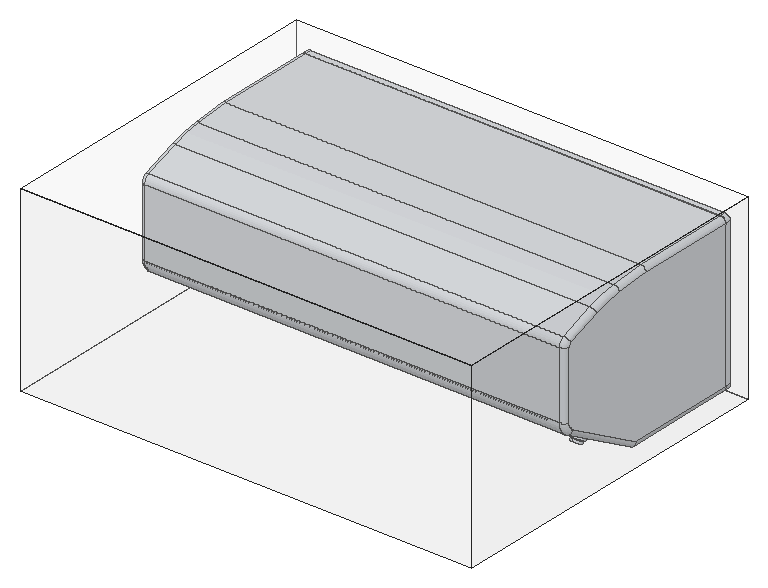
Revit family "msz-hxv25_8025_50hz", category 機械設備, Revit 2019
Family settings
  丸型コネクタ寸法 = 直径を使用
  種別 = なし
  パーツ タイプ = 標準
  OmniClass 番号 = 23.75.10.24.21.27.27
  OmniClass タイトル = Split System Air Conditioning Units
  作業面ベース = いいえ
  常に垂直 = はい
  ロード時にボイドで切り取り = いいえ
  共有 = いいえ
  部屋計算ポイント = はい
Parameters (values of type "壁掛_MSZ-HXV2525-W-IN")
  運転音(静冷房)  db = 34
  運転音(静暖房)  db = 39
  運転音(強暖房)  db = 62
  運転音(強冷房)  db = 61
  運転音(弱暖房)  db = 45
  運転音(弱冷房)  db = 46
  運転音(中暖房)  db = 50
  運転音(中冷房)  db = 51
  風量 = MAX風量  # 780 m³/h
  音響パワーレベル(dB) = if([運転音(強冷房)  db] > [運転音(強暖房)  db], [運転音(強冷房)  db], [運転音(強暖房)  db])  # 62
  電源種別 = ""
  電圧_電気ヒーター = 0 V
  電圧 = 100 V
  電動機出力_送風機 = 28 W
  運転質量 = 0.00 kg
  連動 = ""
  質量 = if(製品質量 > 運転質量, 製品質量, 運転質量) * 1.2  # 21.60 kg
  負荷分類 = 1_熱源類
  説明 = "ルームエアコン(霧ヶ峰) HXVシリーズ 室内ユニット"
  設計暖房能力 [instance] = 0 kW
  設計冷房能力_顕熱 [instance] = 0 kW
  設計冷房能力 [instance] = 0 kW
  設置方法 = "壁掛形"
  記号 [instance] = ""
  製造元 = "三菱電機株式会社"
  製品質量 = 18.00 kg
  製品出荷対象 = "国内"
  製品リリース年月 = ""
  製品グループ = ""
  系統 [instance] = ""
  符号 = "PAC"
  積算_科目 = "1 空気調和設備"
  積算_拾い区分 [instance] = ""
  相_電気ヒーター = 1
  相 = 1
  盤記号 [instance] = ""
  発停方法 = "付属スイッチ"
  特殊仕様 [instance] = ""
  火災停止 = ""
  消費電力_電気ヒーター = 0 W
  消費電力_暖房 = 590 W
  消費電力_冷房 = 500 W
  消費電力 = if(消費電力_冷房 > 消費電力_暖房, 消費電力_冷房, 消費電力_暖房)  # 590 W
  法定耐用年数 = "6"
  極数 = 1
  材質 [instance] = ""
  本体マテリアル = none
  有効加湿量 = 0
  最大電流値 = 0 A
  暖房能力 = 3.2 kW
  暖房 風量 = 780 m³/h
  推奨ブレーカー容量 = 20 A
  台数_冷媒分岐ユニット [instance] = ""
  冷房 風量 = 665 m³/h
  冷媒管長 [instance] = 0 mm
  価格 = 0
  形式_加湿器 = ""
  形式 = "壁掛 (露出)形"
  幹線記号 = ""
  室内機 = 室内機 : MSZ-HXV25*-W-IN
  始動方式 = "直入"
  呼称 = "パッケージ形空気調和機_室内機"
  周波数 = 50 Hz
  台数_手元リモコン = ""
  参照している仕様書等のバージョン = "公共建築工事標準仕様書（機械設備工事編）平成31年度版"
  加湿給水管径 = 0 mm
  分類コード = "5.0053E+13"
  分類グループ = ""
  冷房能力 = 2.5 kW
  冷媒高低圧ガス管径 = 0 mm
  冷媒管径符号 = "Ab"
  冷媒管径 = 100 mm
  冷媒液管径 = 6.35 mm
  冷媒ガス管径 = 9.52 mm
  企業コード = "108420"
  付属品 [instance] = ""
  仕様書バージョン = "Version1.0"
  モデル = "MSZ-HXV2525-W-IN"
  ドレン管径 = 16 mm
  サービススペース = yes
  コメント [instance] = ""
  【値が 0 の項目は組合せ形名にてご確認ください】 = ""
  Width = 799 mm
  Version = ""
  Uniclass2015Version = "Systems v1.9"
  Uniclass2015Title = "Split coil remote air cooled condensing units"
  Uniclass2015Code = "Pr_70_65_03_84"
  URL = "https://www.mitsubishielectric.co.jp/ldg/wink/"
  S寸法 = 0 mm
  SpecificationReference = ""
  SpecificationDescription = ""
  Revision = ""
  ProductInformation = ""
  OmniClassCode = "23-33 17 13 11"
  MAX風量 = if(冷房 風量 > 暖房 風量, 冷房 風量, 暖房 風量)  # 780 m³/h
  IfcTypeProduct = ""
  IfcProduct = ""
  IfcExportType = "AIRCONDITIONINGUNIT"
  IfcExportAs = "IfcUnitaryEquipmentType"
  Height = 295 mm
  Depth = 389 mm
  Clearance Top = 39 mm
  Clearance Right = 30 mm
  Clearance Left = 20 mm
  Clearance Front = 256 mm
  Clearance Bottom = 7 mm
  Clearance Back = 0 mm
  COP = 0
  Author = "三菱電機株式会社"
  APF = 0
Types (7, lengths in mm): name | 運転音(静冷房)  db | 運転音(静暖房)  db | 運転音(強暖房)  db | 運転音(強冷房)  db | 運転音(弱暖房)  db | 運転音(弱冷房)  db | 運転音(中暖房)  db | 運転音(中冷房)  db | 風量 | 音響パワーレベル(dB) | 電圧 | 電動機出力_送風機 | 質量 | 製品質量 | 消費電力_暖房 | 消費電力_冷房 | 消費電力 | 暖房能力 | 暖房 風量 | 推奨ブレーカー容量 | 冷房 風量 | 室内機 | 冷房能力 | 冷媒管径符号 | 冷媒ガス管径 | モデル | MAX風量
  壁掛_MSZ-HXV2525-W-IN | 34 | 39 | 62 | 61 | 45 | 46 | 50 | 51 | 780 m³/h | 62 | 100 V | 28 W | 21.60 kg | 18.00 kg | 590 W | 500 W | 590 W | 3.2 kW | 780 m³/h | 20 A | 665 m³/h | 室内機 : MSZ-HXV25*-W-IN | 2.5 kW | "Ab" | 9.52 | "MSZ-HXV2525-W-IN" | 780 m³/h
  壁掛_MSZ-HXV2825S-W-IN | 34 | 39 | 66 | 63 | 46 | 48 | 52 | 53 | 810 m³/h | 66 | 200 V | 40 W | 21.60 kg | 18.00 kg | 770 W | 580 W | 770 W | 4 kW | 810 m³/h | 15 A | 665 m³/h | 室内機 : MSZ-HXV28*-W-IN | 2.8 kW | "Ab" | 9.52 | "MSZ-HXV2825S-W-IN" | 810 m³/h
  壁掛_MSZ-HXV4025S-W-IN | 40 | 44 | 69 | 67 | 50 | 50 | 55 | 55 | 930 m³/h | 69 | 200 V | 40 W | 22.80 kg | 19.00 kg | 1430 W | 960 W | 1430 W | 6 kW | 930 m³/h | 20 A | 730 m³/h | 室内機 : MSZ-HXV40*S-W-IN | 4 kW | "Ab" | 9.52 | "MSZ-HXV4025S-W-IN" | 930 m³/h
  壁掛_MSZ-HXV5625S-W-IN | 44 | 46 | 71 | 68 | 51 | 51 | 56 | 56 | 940 m³/h | 71 | 200 V | 40 W | 22.80 kg | 19.00 kg | 1700 W | 1720 W | 1720 W | 6.7 kW | 940 m³/h | 20 A | 805 m³/h | 室内機 : MSZ-HXV56*S-W-IN | 5.6 kW | "Ab" | 9.52 | "MSZ-HXV5625S-W-IN" | 940 m³/h
  壁掛_MSZ-HXV6325S-W-IN | 44 | 47 | 71 | 69 | 52 | 52 | 57 | 57 | 960 m³/h | 71 | 200 V | 40 W | 22.80 kg | 19.00 kg | 1900 W | 2200 W | 2200 W | 7.1 kW | 960 m³/h | 20 A | 860 m³/h | 室内機 : MSZ-HXV63*S-W-IN | 6.3 kW | "Ac" | 12.7 | "MSZ-HXV6325S-W-IN" | 960 m³/h
  壁掛_MSZ-HXV7125S-W-IN | 44 | 47 | 72 | 70 | 52 | 52 | 57 | 57 | 1045 m³/h | 72 | 200 V | 40 W | 22.80 kg | 19.00 kg | 2350 W | 2500 W | 2500 W | 8.5 kW | 1045 m³/h | 20 A | 960 m³/h | 室内機 : MSZ-HXV71*S-W-IN | 7.1 kW | "Ac" | 12.7 | "MSZ-HXV7125S-W-IN" | 1045 m³/h
  壁掛_MSZ-HXV8025S-W-IN | 44 | 47 | 72 | 72 | 52 | 52 | 57 | 57 | 1045 m³/h | 72 | 200 V | 46 W | 22.80 kg | 19.00 kg | 2680 W | 2920 W | 2920 W | 9.5 kW | 1045 m³/h | 20 A | 960 m³/h | 室内機 : MSZ-HXV80*S-W-IN | 8 kW | "Ac" | 12.7 | "MSZ-HXV8025S-W-IN" | 1045 m³/h
Reference planes
  plane 1 "中心(正面/背面)": y = 0
  plane 2: z = 0
  plane 3 "中心(左/右)": x = 0
  plane 4: y = -650
  plane 5: x = -399.5
  plane 6: x = 399.5
  plane 7: x = 429.5
  plane 8: z = 0
  plane 9: z = 39
  plane 10: x = -419.5
  plane 11: z = -253
  plane 12: x = 332
  plane 13: z = -302
  plane 14: y = -199.5
  plane 15: y = -394
  plane 16: y = -5
  plane 17: z = -254
  plane 18: z = -295
  plane 19: y = 0
  plane 20: z = -284
  plane 21: z = -273
  plane 22: z = -385
Forms (mm)
  Extrusion 1, solid, detail levels fine
    sketch origin (-695, 194.999, 0) x (1, 0, 0) y (0, 0, 1)
      loop
        circle (1027, -253) r 10
    from 199.999 to 217.5
  Extrusion 2, solid, detail levels fine
    sketch origin (-695, 210.625, -30) x (1, 0, 0) y (0, 0, 1)
      loop
        circle (1027, -243) r 5
    from 215.625 to 220.625
Lines and regions (mm)
  Masking region 1, detail levels coarse+medium
    outline origin (0, 0, 0) x (1, 0, 0) y (0, 1, 0)
      loop
        line (399.5, 0) -> (-399.5, 0) -> (-399.5, -394) -> (399.5, -394) -> (399.5, 0)
Dimensions and locks
  equal spacing: plane 5, plane 3 "中心(左/右)", plane 6
  "Clearance Right": plane 6 to plane 7
  "Clearance Top": plane 9 to plane 8
  "Width": plane 5 to plane 6
  "Clearance Left": plane 10 to plane 5
  equal spacing: plane 15, plane 14, plane 16
  "Depth": plane 15 to plane 16
  "Clearance Front": plane 4 to plane 15
  nested 1 to plane 15 = 389 mm
  "Clearance Bottom": plane 18 to plane 13
  "Height": plane 8 to plane 18
  locked: plane 18 to plane 11 at 42
  locked: plane 18 to plane 17 at 41
  "Clearance Back": plane 1 "中心(正面/背面)" to plane 19
  locked: plane 20 to plane 17 at 30
  locked: plane 21 to plane 11 at 20
  plane 16 to plane 19 = 5 mm
  plane 4 to plane 19 = 650 mm
  plane 19 to plane 16 = 5 mm
  aligned and locked: plane 2 to level
  aligned and locked: plane 8 to nested 1  (x2)
  aligned and locked: nested 1 to plane 18  (x2)
  aligned and locked: level to plane 8
  aligned and locked: plane 9 to nested 2
  aligned and locked: plane 13 to nested 2
  aligned and locked: Masking region 1 sketch curve to plane 5
  aligned and locked: plane 15 to Masking region 1 sketch curve
  aligned and locked: Masking region 1 sketch curve to plane 19
  aligned and locked: plane 6 to Masking region 1 sketch curve
  aligned and locked: plane 16 to nested 1
  aligned and locked: plane 1 "中心(正面/背面)" to nested 2
  aligned and locked: plane 10 to nested 2
  aligned and locked: plane 7 to nested 2
  aligned and locked: plane 4 to nested 2
  aligned and locked: nested 1 to Extrusion 1
  aligned and locked: nested 1 to Extrusion 2
Automatic sketch dimensions
  Extrusion 1 sketch curve to plane 11 = 0 mm
  plane 12 to Extrusion 1 sketch curve = 0 mm
  plane 12 to Extrusion 2 sketch curve = 0 mm
  Extrusion 2 sketch curve to plane 21 = 0 mm
  radius of Extrusion 1 sketch curve = 10 mm
  radius of Extrusion 2 sketch curve = 5 mm
Nested families
  nested 1: "室内機" at (0, 0, -295), type <- "室内機", type "MSZ-HXV25*-W-IN", detail levels fine
  nested 2: "サービススペース" at (5, -325, -131.5), visible <- "サービススペース", type "サービススペース"
    with Width 849 mm, Height 341 mm, Depth 650 mm
Connectors
  piping at (332, -5, -253), diameter 100, driven by "冷媒管径", driven by "冷媒管径符号"
    settings: on Extrusion 1, index 7, connector inside diameter 609.6 mm, connector length 0 mm, flow factor 0, pipe flow 0.0 L/s, pressure drop 0.0 Pa, fitting loss kfactor 0, connector angle 0.00°, fixture units 0, engagement length 0 mm, angle of deflection 0.00°, flow configuration 1, flow direction 1, fitting loss method 4, system type 7, joint type 0, gender type 0, connector reference index -1, connector utility 0, adjustable connector no, is connector primary yes, connector description "Ab"
  piping at (332, -5, -273), diameter 16, driven by "ドレン管径"
    settings: on Extrusion 2, index 8, connector inside diameter 609.6 mm, connector length 0 mm, flow factor 0, pipe flow 0.0 L/s, pressure drop 0.0 Pa, fitting loss kfactor 0, connector angle 0.00°, fixture units 0, engagement length 0 mm, angle of deflection 0.00°, flow configuration 1, flow direction 2, fitting loss method 4, system type 16, joint type 0, gender type 0, connector reference index -1, connector utility 0, adjustable connector no, is connector primary no, connector description ""
  electrical at (0, -5, -147.5), driven by "負荷分類", driven by "電圧", driven by "消費電力"
    settings: on nested 1, index 10, voltage 100 V, apparent load 590 VA, apparent load phase1 0 VA, apparent load phase2 0 VA, apparent load phase3 0 VA, power factor 1, load classification "1_熱源類", number of poles 1, system type 30, power factor state 1, is connector primary yes, connector utility no, sub classification motor no, connector description ""
Definition of nested family "室内機"
  Parameters (values of type "MSZ-ZXV9023S-W-IN")
    Width = 799 mm
    Height = 295 mm
    Depth = 394 mm
  Types (12): name
    MSZ-ZXV9023S-W-IN
    MSZ-ZXV8023S-W-IN
    MSZ-ZXV7123S-W-IN
    MSZ-ZXV6323S-W-IN
    MSZ-ZXV5623S-W-IN
    MSZ-ZXV4023S-W-IN
    MSZ-ZXV3623S-W-IN
    MSZ-ZXV3623-W-IN
    MSZ-ZXV2823S-W-IN
    MSZ-ZXV2823-W-IN
    MSZ-ZXV2523-W-IN
    MSZ-ZXV2223-W-IN
  Reference planes
    plane 1 "中心(正面/背面)": y = 0
    plane 2: z = 0
    plane 3 "中心(左/右)": x = 0
    plane 4: y = -5
    plane 5: x = 399.5
    plane 6: x = -399.5
    plane 7: y = -394
    plane 8: z = 295
    plane 9: x = 379.5
    plane 10: y = -385
    plane 11: y = -394
    plane 12: z = 42
    plane 13: z = 295
    plane 14: z = 273
    plane 15: x = 352
    plane 16: x = -352
    plane 17: x = 399
    plane 18: x = 335
    plane 19: z = 253
    plane 20: x = 225
    plane 21: x = -225
    plane 22: x = 280
    plane 23: x = 155
    plane 24: z = 263
    plane 25: z = 243
  Forms (mm)
    Extrusion 1, solid
      sketch origin (0, 4, 0) x (0, 1, 0) y (0, 0, 1)
        loop
          line (-20, 284.987) -> (-212.516, 284.987) -> (-267.726, 279.494)
          arc (-267.726, 279.494) -> (-294.837, 275.073) -> (-321.185, 267.308) r 219.987
          line (-321.185, 267.308) -> (-384.718, 244.184)
          arc (-384.718, 244.184) -> (-387.098, 242.358) -> (-388, 239.497) r 4.987
          line (-388, 239.497) -> (-388, 112.321)
          arc (-388, 112.321) -> (-385.322, 102.327) -> (-378.006, 95.011) r 19.987
          line (-378.006, 95.011) -> (-230.785, 10.013) -> (-20, 10.013) -> (-20, 284.987)
      from -399.5 to 399.5
    Sweep 2, solid
      path origin (390, 4, 0) x (0, 1, 0) y (0, 0, 1)
        loop
          line (-20, 295) -> (-208.013, 295) -> (-270.599, 288.772)
          arc (-270.599, 288.772) -> (-298.943, 284.15) -> (-326.49, 276.032) r 230
          line (-326.49, 276.032) -> (-388.143, 253.592)
          arc (-388.143, 253.592) -> (-395.3, 248.101) -> (-398.013, 239.497) r 15
          line (-398.013, 239.497) -> (-398.013, 112.321)
          arc (-398.013, 112.321) -> (-393.993, 97.321) -> (-383.013, 86.34) r 30
          line (-383.013, 86.34) -> (-233.468, 0) -> (-20, 0)
      profile origin (390, -110.006, 295) x (0, 0, -1) y (1, 0, 0)
        loop
          arc (10.013, 9.5) -> (3.113, 6.75) -> (0.013, 0) r 10
          line (0.013, 0) -> (0.013, -780)
          arc (0.013, -780) -> (3.113, -786.75) -> (10.013, -789.5) r 10
          line (10.013, -789.5) -> (10.013, 9.5)
    Extrusion 3, solid
      sketch origin (0, 0, 0) x (1, 0, 0) y (0, 0, 1)
        loop
          line (-399.5, 285) -> (-399.5, 10)
          arc (-399.5, 10) -> (-396.746, 3.108) -> (-390, 0.013) r 10
          line (-390, 0.013) -> (390, 0.013)
          arc (390, 0.013) -> (396.746, 3.108) -> (399.5, 10) r 10
          line (399.5, 10) -> (399.5, 285)
          arc (399.5, 285) -> (396.746, 291.892) -> (390, 294.987) r 10
          line (390, 294.987) -> (-390, 294.987)
          arc (-390, 294.987) -> (-396.746, 291.892) -> (-399.5, 285) r 10
      from 16 to 5
    Revolve 4, solid
      sketch origin (367, -58.632, -153.367) x (0, 0.866025, -0.5) y (0, 0.5, 0.866025)
        loop
          line (-330.479, 56.396) -> (-330.479, 42.304) -> (-323.593, 42.304) -> (-323.593, 35.722) -> (-320.593, 35.722) -> (-320.593, 40.304)
          arc (-320.593, 40.304) -> (-320.007, 41.718) -> (-318.593, 42.304) r 2
          line (-318.593, 42.304) -> (-317.593, 42.304) -> (-317.593, 56.396) -> (-330.479, 56.396)
        axis (-330.479, 35.722) -> (-330.479, 56.396)
      angle from 0 to 360
    Extrusion 5, void
      sketch origin (0, -129.013, 230.692) x (1, 0, 0) y (0, -0.866025, 0.5)
        loop
          line (-383, 2) -> (-8.5, 2) -> (-8.5, 52) -> (-383, 52) -> (-383, 2)
        loop
          line (-385, 54) -> (-385, 0) -> (385, 0) -> (385, 54) -> (-385, 54)
        loop
          line (383, 2) -> (383, 52) -> (-6.5, 52) -> (-6.5, 2) -> (383, 2)
      from 250 to 244.836
    Extrusion 6, solid
      sketch origin (0, 0, 0) x (1, 0, 0) y (0, 0, 1)
        loop
          line (-285, 0) -> (285, 0) -> (285, 70)
          arc (285, 70) -> (292.322, 87.678) -> (310, 95) r 25
          arc (310, 95) -> (327.678, 102.322) -> (335, 120) r 25
          line (335, 120) -> (335, 273) -> (295, 273) -> (295, 278)
          arc (295, 278) -> (293.536, 281.536) -> (290, 283) r 5
          line (290, 283) -> (270, 283)
          arc (270, 283) -> (266.464, 281.536) -> (265, 278) r 5
          line (265, 278) -> (265, 273) -> (119.535, 273) -> (70.033, 253) -> (24.949, 253) -> (10, 290) -> (0, 290) -> (-10, 290) -> (-24.949, 253) -> (-105.033, 253) -> (-154.535, 273) -> (-265, 273) -> (-265, 278)
          arc (-265, 278) -> (-266.464, 281.536) -> (-270, 283) r 5
          line (-270, 283) -> (-290, 283)
          arc (-290, 283) -> (-293.536, 281.536) -> (-295, 278) r 5
          line (-295, 278) -> (-295, 273) -> (-335, 273) -> (-335, 120)
          arc (-335, 120) -> (-327.678, 102.322) -> (-310, 95) r 25
          arc (-310, 95) -> (-292.322, 87.678) -> (-285, 70) r 25
          line (-285, 70) -> (-285, 0)
        loop
          line (230.5, 248.5) -> (230.5, 257.5)
          arc (230.5, 257.5) -> (225, 263) -> (219.5, 257.5) r 5.5
          line (219.5, 257.5) -> (219.5, 248.5)
          arc (219.5, 248.5) -> (225, 243) -> (230.5, 248.5) r 5.5
        loop
          arc (-220.5, 247.5) -> (-215, 253) -> (-220.5, 258.5) r 5.5
          line (-220.5, 258.5) -> (-229.5, 258.5)
          arc (-229.5, 258.5) -> (-235, 253) -> (-229.5, 247.5) r 5.5
          line (-229.5, 247.5) -> (-220.5, 247.5)
        loop
          line (-105, 10) -> (105, 10)
          arc (105, 10) -> (155, 60) -> (105, 110) r 50
          line (105, 110) -> (-105, 110)
          arc (-105, 110) -> (-155, 60) -> (-105, 10) r 50
        loop
          line (305, 243) -> (255, 243) -> (255, 188) -> (261.875, 188)
          arc (261.875, 188) -> (265.887, 200.215) -> (267.245, 213) r 60.879
          line (267.245, 213) -> (292.755, 213)
          arc (292.755, 213) -> (294.113, 200.215) -> (298.125, 188) r 60.879
          line (298.125, 188) -> (305, 188) -> (305, 243)
        loop
          line (-305, 243) -> (-305, 188) -> (-298.125, 188)
          arc (-298.125, 188) -> (-294.113, 200.215) -> (-292.755, 213) r 60.879
          line (-292.755, 213) -> (-267.245, 213)
          arc (-267.245, 213) -> (-265.887, 200.215) -> (-261.875, 188) r 60.879
          line (-261.875, 188) -> (-255, 188) -> (-255, 243) -> (-305, 243)
      from 0 to 5
  Cuts and joins
    Extrusion 5 cuts Extrusion 1
    Extrusion 5 cuts Sweep 2
    joined: Sweep 2, Revolve 4
    Extrusion 5 cuts Extrusion 3
  Lines and regions (mm)
    model lines
      curve 1: line (-349.5, -121, 294.987) -> (-349.5, -181, 294.987)
      curve 2: line (-349.5, -189.013, 294.987) -> (349.5, -189.013, 294.987)
      curve 3: line (-349.5, -131, 294.987) -> (349.5, -131, 294.987)
      curve 4: line (349.5, -121, 294.987) -> (349.5, -181, 294.987)
      curve 5: line (-249.643, -121, 294.987) -> (-249.643, -181, 294.987)
      curve 6: line (-149.786, -121, 294.987) -> (-149.786, -181, 294.987)
      curve 7: line (-49.929, -121, 294.987) -> (-49.929, -181, 294.987)
      curve 8: line (49.929, -121, 294.987) -> (49.929, -181, 294.987)
      curve 9: line (149.786, -121, 294.987) -> (149.786, -181, 294.987)
      curve 10: line (249.643, -121, 294.987) -> (249.643, -181, 294.987)
      curve 11: line (-349.5, -151, 294.987) -> (349.5, -151, 294.987)
      curve 12: line (-349.5, -179.013, 294.987) -> (349.5, -179.013, 294.987)
      curve 13: line (-349.5, -161, 294.987) -> (349.5, -161, 294.987)
      curve 14: line (-349.5, -141, 294.987) -> (349.5, -141, 294.987)
      curve 15: line (-349.5, -121, 294.987) -> (349.5, -121, 294.987)
      curve 16: line (-349.5, -46, 294.987) -> (-349.5, -106, 294.987)
      curve 17: line (-349.5, -106, 294.987) -> (349.5, -106, 294.987)
      curve 18: line (-349.5, -56, 294.987) -> (349.5, -56, 294.987)
      curve 19: line (349.5, -46, 294.987) -> (349.5, -106, 294.987)
      curve 20: line (-249.643, -46, 294.987) -> (-249.643, -106, 294.987)
      curve 21: line (-149.786, -46, 294.987) -> (-149.786, -106, 294.987)
      curve 22: line (-49.929, -46, 294.987) -> (-49.929, -106, 294.987)
      curve 23: line (49.929, -46, 294.987) -> (49.929, -106, 294.987)
      curve 24: line (149.786, -46, 294.987) -> (149.786, -106, 294.987)
      curve 25: line (249.643, -46, 294.987) -> (249.643, -106, 294.987)
      curve 26: line (-349.5, -76, 294.987) -> (349.5, -76, 294.987)
      curve 27: line (-349.5, -96, 294.987) -> (349.5, -96, 294.987)
      curve 28: line (-349.5, -86, 294.987) -> (349.5, -86, 294.987)
      curve 29: line (-349.5, -66, 294.987) -> (349.5, -66, 294.987)
      curve 30: line (-349.5, -46, 294.987) -> (349.5, -46, 294.987)
  Dimensions and locks
    equal spacing: plane 6, plane 3 "中心(左/右)", plane 5
    "Width": plane 6 to plane 5
    "Depth": plane 7 to plane 1 "中心(正面/背面)"
    "Height": plane 8 to level
    plane 6 to curve 1 = 50 mm
    locked: plane 4 to plane 1 "中心(正面/背面)" at 5
    cut or joined group of Extrusion 3, Extrusion 5 to plane 7 = 389 mm
    cut or joined group of Extrusion 3, Extrusion 5 to plane 11 = 389 mm
    plane 7 to cut or joined group of Extrusion 3, Extrusion 5 = 389 mm
    plane 13 to plane 12 = 253 mm
    plane 13 to plane 14 = 22 mm
    plane 18 to plane 17 = 64 mm
    plane 17 to plane 15 = 47 mm
    plane 19 to plane 12 = 211 mm
    plane 14 to plane 12 = 231 mm
    plane 19 to Extrusion 6 sketch curve = 65 mm
    plane 24 to plane 25 = 20 mm
    aligned and locked: level to plane 2
    aligned and locked: Extrusion 3 to Extrusion 1
    aligned and locked: cut or joined group of Extrusion 3, Extrusion 5 to plane 4
    aligned and locked: plane 4 to cut or joined group of Extrusion 3, Extrusion 5
    aligned and locked: plane 7 to cut or joined group of Sweep 2, Revolve 4, Extrusion 5
    aligned and locked: Extrusion 6 to plane 1 "中心(正面/背面)"
    aligned and locked: plane 4 to Extrusion 6
  Automatic sketch dimensions
    Extrusion 3 sketch curve to plane 6 = 0 mm
    Extrusion 3 sketch curve to plane 5 = 0 mm
    Extrusion 3 sketch curve to plane 8 = 0.013 mm
    plane 6 to Extrusion 3 sketch curve = 9.5 mm  (x2)
    level to Extrusion 3 sketch curve = 0.013 mm
    level to Extrusion 3 sketch curve = 10 mm
    Extrusion 3 sketch curve to Extrusion 3 sketch curve = 0.5 mm
    Extrusion 3 sketch curve to plane 5 = 10 mm  (x2)
    Extrusion 3 sketch curve to plane 5 = 9.5 mm  (x2)
    level to Revolve 4 sketch curve = 60.713 mm
    Revolve 4 sketch curve to plane 7 = 77.363 mm
    Revolve 4 sketch curve to Revolve 4 sketch curve = 6.886 mm
    Revolve 4 sketch curve to Revolve 4 sketch curve = 3 mm
    Revolve 4 sketch curve to Revolve 4 sketch curve = 2 mm
    Revolve 4 sketch curve to Revolve 4 sketch curve = 12.886 mm
    Revolve 4 sketch curve to Revolve 4 sketch curve = 14.091 mm
    Revolve 4 sketch curve to Revolve 4 sketch curve = 0 mm  (x2)
    Revolve 4 sketch curve to Revolve 4 sketch curve = 4.583 mm
    Revolve 4 sketch curve to Revolve 4 sketch curve = 6.134 mm
    Revolve 4 sketch curve to Revolve 4 sketch curve = 3.815 mm
    plane 6 to Extrusion 5 sketch curve = 14.5 mm
    Extrusion 5 sketch curve to Extrusion 5 sketch curve = 2 mm  (x5)
    Extrusion 5 sketch curve to plane 3 "中心(左/右)" = 8.5 mm
    plane 9 to Extrusion 5 sketch curve = 3.5 mm
    Extrusion 5 sketch curve to Extrusion 5 sketch curve = 0 mm
    Extrusion 5 sketch curve to Extrusion 5 sketch curve = 50 mm  (x2)
    curve 1 to curve 1 = 60 mm  (x2)
    Extrusion 1 sketch curve to plane 7 = 10 mm
    Extrusion 1 sketch curve to Extrusion 1 sketch curve = 3.282 mm
    Extrusion 1 sketch curve to Extrusion 1 sketch curve = 1.706 mm
    Extrusion 1 sketch curve to Extrusion 1 sketch curve = 9.994 mm  (x2)
    Extrusion 1 sketch curve to plane 8 = 27.692 mm
    Extrusion 1 sketch curve to Extrusion 1 sketch curve = 63.534 mm
    Extrusion 1 sketch curve to plane 8 = 15.506 mm
    Extrusion 1 sketch curve to Extrusion 1 sketch curve = 53.458 mm
    level to Extrusion 1 sketch curve = 60.587 mm
    level to Extrusion 1 sketch curve = 10.013 mm
    Extrusion 1 sketch curve to Extrusion 1 sketch curve = 15.16 mm
    Extrusion 1 sketch curve to plane 8 = 10.013 mm
    Extrusion 1 sketch curve to Extrusion 1 sketch curve = 55.211 mm
    plane 4 to Extrusion 1 sketch curve = 11 mm
    level to Extrusion 1 sketch curve = 95.011 mm
    Extrusion 1 sketch curve to plane 8 = 55.503 mm
    plane 7 to Sweep 2 sketch curve = 0.013 mm
    Sweep 2 sketch curve to level = 0 mm
    Sweep 2 sketch curve to plane 8 = 0 mm
    Sweep 2 sketch curve to plane 7 = 9.857 mm
    Sweep 2 sketch curve to plane 7 = 14.987 mm  (x2)
    Sweep 2 sketch curve to plane 7 = 29.987 mm
    Sweep 2 sketch curve to plane 8 = 18.968 mm
    Sweep 2 sketch curve to Sweep 2 sketch curve = 61.652 mm
    Sweep 2 sketch curve to plane 8 = 6.228 mm
    Sweep 2 sketch curve to Sweep 2 sketch curve = 55.891 mm
    level to Sweep 2 sketch curve = 59.903 mm
    Sweep 2 sketch curve to Sweep 2 sketch curve = 14.358 mm
    Sweep 2 sketch curve to Sweep 2 sketch curve = 62.587 mm
    level to Sweep 2 sketch curve = 86.34 mm
    Sweep 2 sketch curve to plane 8 = 55.503 mm
    plane 4 to Sweep 2 sketch curve = 11 mm  (x2)
    Sweep 2 sketch curve to profile plane = 0 mm
    Sweep 2 sketch curve to profile plane = 0.013 mm
    Sweep 2 sketch curve to profile plane = 10 mm  (x2)
    Sweep 2 sketch curve to profile plane = 0.5 mm
    profile plane to Sweep 2 sketch curve = 9.5 mm
    Sweep 2 sketch curve to Sweep 2 sketch curve = 779 mm
    Sweep 2 sketch curve to Sweep 2 sketch curve = 0.5 mm
    Sweep 2 to curve 30 = 30 mm
    curve 2 to Sweep 2 = 14.999 mm
    Sweep 2 to curve 2 = 40.5 mm
    curve 30 to curve 18 = 10 mm
    curve 18 to curve 29 = 10 mm
    curve 29 to curve 26 = 10 mm
    curve 26 to curve 28 = 10 mm
    curve 28 to curve 27 = 10 mm
    curve 27 to curve 15 = 25 mm
    curve 17 to curve 15 = 15 mm
    curve 17 to curve 3 = 25 mm
    curve 3 to curve 14 = 10 mm
    curve 14 to curve 11 = 10 mm
    curve 11 to curve 13 = 10 mm
    curve 12 to curve 2 = 10 mm
    Sweep 2 to curve 30 = 40.5 mm
    Sweep 2 to curve 3 = 40.5 mm
    curve 29 to curve 30 = 0 mm
    curve 11 to curve 3 = 0 mm
    curve 28 to curve 29 = 0 mm
    curve 12 to curve 2 = 0 mm
    curve 27 to curve 28 = 0 mm
    curve 13 to curve 11 = 0 mm
    curve 26 to curve 28 = 0 mm
    curve 14 to curve 3 = 0 mm
    curve 18 to curve 29 = 0 mm
    curve 15 to curve 27 = 0 mm
    curve 17 to curve 15 = 0 mm  (x2)
    Sweep 2 to curve 15 = 40.5 mm
    curve 14 to curve 17 = 0 mm
    Sweep 2 to curve 18 = 40.5 mm
    curve 13 to curve 14 = 0 mm
    curve 26 to curve 18 = 0 mm
    curve 12 to curve 13 = 0 mm
    curve 27 to curve 15 = 0 mm
    curve 11 to curve 13 = 0 mm
    curve 28 to curve 26 = 0 mm
    curve 3 to curve 17 = 0 mm
    curve 29 to curve 18 = 0 mm
    curve 2 to curve 12 = 0 mm
    curve 30 to curve 18 = 0 mm
    curve 19 to plane 9 = 30 mm
    plane 4 to curve 16 = 41 mm
    curve 4 to curve 19 = 0 mm
    curve 19 to curve 25 = 99.857 mm
    curve 10 to curve 25 = 0 mm
    plane 4 to curve 24 = 41 mm
    curve 25 to curve 24 = 99.857 mm
    curve 9 to curve 24 = 0 mm
    plane 3 "中心(左/右)" to curve 8 = 49.929 mm
    plane 3 "中心(左/右)" to curve 23 = 49.929 mm
    curve 7 to plane 3 "中心(左/右)" = 49.929 mm
    curve 22 to plane 3 "中心(左/右)" = 49.929 mm
    curve 7 to curve 6 = 99.857 mm
    curve 21 to curve 6 = 0 mm
    plane 4 to curve 20 = 41 mm
    curve 21 to curve 20 = 99.857 mm
    curve 5 to curve 20 = 0 mm
    plane 6 to curve 16 = 50 mm
    plane 6 to curve 1 = 50 mm
    plane 4 to curve 25 = 41 mm
    plane 4 to curve 21 = 41 mm
    plane 4 to curve 23 = 41 mm
    plane 4 to curve 22 = 41 mm
    plane 4 to curve 19 = 41 mm
    curve 23 to curve 23 = 60 mm
    curve 20 to curve 20 = 60 mm
    curve 24 to curve 24 = 60 mm
    curve 19 to curve 19 = 60 mm
    curve 21 to curve 21 = 60 mm
    curve 22 to curve 22 = 60 mm
    curve 16 to curve 16 = 60 mm
    curve 25 to curve 25 = 60 mm
    curve 16 to curve 1 = 15 mm
    curve 25 to curve 10 = 15 mm
    curve 20 to curve 5 = 15 mm
    curve 24 to curve 9 = 15 mm
    curve 21 to curve 6 = 15 mm
    curve 23 to curve 8 = 15 mm
    curve 22 to curve 7 = 15 mm
    curve 19 to curve 4 = 15 mm
    curve 8 to curve 8 = 60 mm
    curve 5 to curve 5 = 60 mm
    curve 9 to curve 9 = 60 mm
    curve 4 to curve 4 = 60 mm
    curve 6 to curve 6 = 60 mm
    curve 7 to curve 7 = 60 mm
    curve 10 to curve 10 = 60 mm
    Extrusion 6 sketch curve to plane 14 = 0 mm  (x4)
    Extrusion 6 sketch curve to plane 25 = 0 mm  (x2)
    Extrusion 6 sketch curve to level = 0 mm
    Extrusion 6 sketch curve to plane 19 = 0 mm  (x3)
    Extrusion 6 sketch curve to plane 3 "中心(左/右)" = 0 mm
    Extrusion 6 sketch curve to plane 20 = 0 mm
    plane 18 to Extrusion 6 sketch curve = 0 mm
    Extrusion 6 sketch curve to plane 16 = 1.635 mm
    plane 16 to Extrusion 6 sketch curve = 17 mm
    Extrusion 6 sketch curve to Extrusion 6 sketch curve = 25 mm  (x3)
    Extrusion 6 sketch curve to Extrusion 6 sketch curve = 30 mm
    Extrusion 6 sketch curve to Extrusion 6 sketch curve = 6.875 mm  (x3)
    plane 14 to Extrusion 6 sketch curve = 5 mm  (x3)
    Extrusion 6 sketch curve to Extrusion 6 sketch curve = 10 mm
    Extrusion 6 sketch curve to Extrusion 6 sketch curve = 5.37 mm  (x3)
    Extrusion 6 sketch curve to Extrusion 6 sketch curve = 5 mm  (x3)
    plane 21 to Extrusion 6 sketch curve = 60 mm
    Extrusion 6 sketch curve to Extrusion 6 sketch curve = 20 mm
    Extrusion 6 sketch curve to Extrusion 6 sketch curve = 25.51 mm
    plane 21 to Extrusion 6 sketch curve = 30 mm
    plane 21 to Extrusion 6 sketch curve = 4.5 mm
    Extrusion 6 sketch curve to plane 21 = 4.5 mm
    Extrusion 6 sketch curve to plane 21 = 18.635 mm
    Extrusion 6 sketch curve to Extrusion 6 sketch curve = 65.965 mm
    Extrusion 6 sketch curve to Extrusion 6 sketch curve = 49.502 mm
    plane 12 to Extrusion 6 sketch curve = 18 mm
    Extrusion 6 sketch curve to plane 3 "中心(左/右)" = 105 mm
    Extrusion 6 sketch curve to plane 3 "中心(左/右)" = 24.949 mm
    Extrusion 6 sketch curve to plane 3 "中心(左/右)" = 10 mm
    plane 3 "中心(左/右)" to Extrusion 6 sketch curve = 10 mm
    plane 3 "中心(左/右)" to Extrusion 6 sketch curve = 24.949 mm
    Extrusion 6 sketch curve to Extrusion 6 sketch curve = 45.084 mm
    Extrusion 6 sketch curve to plane 23 = 50 mm
    Extrusion 6 sketch curve to plane 23 = 35.465 mm
    Extrusion 6 sketch curve to plane 20 = 18.635 mm
    plane 22 to Extrusion 6 sketch curve = 25 mm
    plane 22 to Extrusion 6 sketch curve = 15 mm
    plane 22 to Extrusion 6 sketch curve = 12.755 mm
    Extrusion 6 sketch curve to plane 22 = 5 mm
    Extrusion 6 sketch curve to plane 22 = 10 mm
    Extrusion 6 sketch curve to plane 22 = 12.755 mm
    plane 18 to Extrusion 6 sketch curve = 25 mm
    plane 15 to Extrusion 6 sketch curve = 1.635 mm
    level to Extrusion 6 sketch curve = 10 mm
    plane 12 to Extrusion 6 sketch curve = 28 mm  (x2)
    Extrusion 6 sketch curve to plane 25 = 55 mm
    plane 25 to Extrusion 6 sketch curve = 4.5 mm
    Extrusion 6 sketch curve to plane 19 = 4.5 mm
    plane 19 to Extrusion 6 sketch curve = 4.5 mm
    Extrusion 6 sketch curve to plane 8 = 5 mm
    Extrusion 6 sketch curve to plane 20 = 5.5 mm
Definition of nested family "サービススペース"
  Parameters (values of type "サービススペース")
    Width [instance] = 500 mm
    Height [instance] = 500 mm
    Depth [instance] = 500 mm
  Reference planes
    plane 1 "中心(正面/背面)": y = 0
    plane 2: z = 0
    plane 3 "中心(左/右)": x = 0
    plane 4: y = -250
    plane 5: x = 250
    plane 6: y = 250
    plane 7: x = -250
    plane 8: z = 250
    plane 9: z = -250
  Forms (mm)
    Extrusion 1, solid
      sketch origin (-638.939, 0, 72.39) x (1, 0, 0) y (0, 1, 0)
        loop
          line (388.939, 250) -> (388.939, -250) -> (888.939, -250) -> (888.939, 250) -> (388.939, 250)
      from -322.39 to 177.61
  Lines and regions (mm)
    symbolic lines
      curve 1: line (-250, 0, 250) -> (250, 0, 250)
      curve 2: line (-250, 0, -250) -> (-250, 0, 250)
      curve 3: line (250, 0, -250) -> (-250, 0, -250)
      curve 4: line (250, 0, 250) -> (250, 0, -250)
      curve 5: line (0, -250, 250) -> (0, 250, 250)
      curve 6: line (0, -250, -250) -> (0, -250, 250)
      curve 7: line (0, 250, -250) -> (0, -250, -250)
      curve 8: line (0, 250, 250) -> (0, 250, -250)
      curve 9: line (-250, 250, 0) -> (250, 250, 0)
      curve 10: line (-250, -250, 0) -> (-250, 250, 0)
      curve 11: line (250, -250, 0) -> (-250, -250, 0)
      curve 12: line (250, 250, 0) -> (250, -250, 0)
  Dimensions and locks
    equal spacing: plane 7, plane 3 "中心(左/右)", plane 5
    equal spacing: plane 4, plane 1 "中心(正面/背面)", plane 6
    "Depth": plane 4 to plane 6
    "Width": plane 7 to plane 5
    equal spacing: plane 8, plane 2, plane 9
    "Height": plane 8 to plane 9
    aligned and locked: plane 9 to curve 3
    aligned and locked: plane 7 to curve 2
    aligned and locked: curve 4 to plane 5
    aligned and locked: plane 5 to Extrusion 1
    aligned and locked: Extrusion 1 to plane 7
    aligned and locked: Extrusion 1 to plane 9
    aligned and locked: plane 8 to Extrusion 1
    aligned and locked: plane 9 to curve 7
  Automatic sketch dimensions
    plane 4 to Extrusion 1 sketch curve = 0 mm
    Extrusion 1 sketch curve to plane 7 = 0 mm
    Extrusion 1 sketch curve to plane 5 = 0 mm
    plane 6 to Extrusion 1 sketch curve = 0 mm
    curve 2 to plane 8 = 0 mm
    plane 4 to curve 11 = 0 mm
    curve 11 to plane 7 = 0 mm
    curve 11 to plane 5 = 0 mm
    plane 6 to curve 10 = 0 mm
    curve 7 to plane 4 = 0 mm
    curve 7 to plane 6 = 0 mm
    curve 6 to plane 8 = 0 mm
